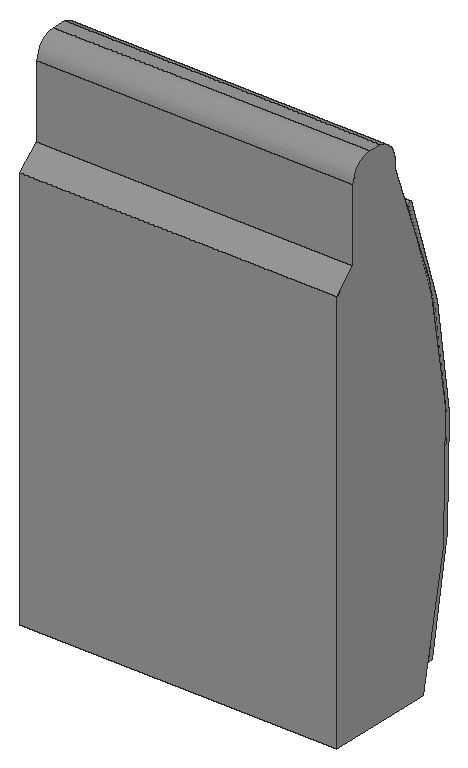
Revit family "ГГН-05 КЛ-01", category Устройства вызова и оповещения, Revit 2017
Family settings
  Основа = Стена
  Сохранять ориентацию аннотаций = Нет
  Размер круглого соединителя = Использовать диаметр
  Тип детали = Нормальный
  Всегда вертикально = Да
  При загрузке вырезать с полостями = Нет
  Общий = Нет
  Точка расчета площади = Нет
Parameters (values of type "ГГН-05/КЛ-01")
  Выходная мощность [instance] = if(Выбор мощности, 5 W, 3 W)  # 5 W
  Ширина = 150 mm
  Частотный диапазон = "160-16000 Гц"  # constant formula
  Разработано = "support@bimlib.pro"  # constant formula
  Описание = "Речевой оповещатель. Предназначен для воспроизведения голосовых сообщений, специальных сигналов в системах громкоговорящей связи с высокоомным выходом. Встроенный трансформатор 90..100В. Настенное исполнение."
  Напряжение питания = 100 V  # constant formula
  Материал корпуса = ПВХ
  Assembly Code = ""
  Код IP = "41"  # constant formula
  Исполнение = "Настенное"  # constant formula
  Изготовитель = "СОУЭ Речор"  # constant formula
  Диапазое рабочих температур = "-10 до +50°С"  # constant formula
  Глубина = 64 mm
  Высота = 240 mm
  Выбор мощности [instance] = yes
  URL = "http://rechor.ru/gromkogovoriteli"
  ADSK_Примечание = ""
  ADSK_Позиция = ""
  Наименование = "Громкоговоритель ГГН-05/КЛ-01"  # constant formula
  ADSK_Масса_Текст = "0.8 кг"  # constant formula
  ADSK_Завод-изготовитель = Изготовитель  # "СОУЭ Речор"
Reference planes
  plane 1 "Стена": y = 0
  plane 2 "По центру (Влево/Вправо)": x = 125
  plane 3 "Назад": y = 75
  plane 4: x = 200
  plane 5: x = 50
  plane 6: z = 2461.432
  plane 7: z = 2221.432
  plane 8: y = 75
  plane 9: z = 2446.432
  plane 10: y = 139
  plane 11: z = 2341.432
Forms (mm)
  Extrusion 1, solid, material "ПВХ" <- "Материал корпуса", detail levels medium+fine
    sketch origin (125, 0, -5) x (0, 1, 0) y (0, 0, 1)
      loop
        line (75, 2413.491) -> (75, 2221.535) -> (126.199, 2221.535)
        arc (126.199, 2221.535) -> (139.552, 2338.648) -> (109.457, 2452.614) r 318.955
        arc (109.457, 2452.614) -> (108.343, 2461.203) -> (101.438, 2466.432) r 11.206
        line (101.438, 2466.432) -> (95, 2466.432)
        arc (95, 2466.432) -> (87.929, 2463.503) -> (85, 2456.432) r 10
        line (85, 2456.432) -> (85, 2422.169) -> (75, 2413.491)
    from -75 to 75
  Extrusion 2, solid, material "ПВХ" <- "Материал корпуса", detail levels medium+fine
    sketch origin (125, 0, 0) x (0, 1, 0) y (0, 0, 1)
      loop
        arc (117.333, 2428.746) -> (139.728, 2330.079) -> (129.872, 2229.383) r 316.781
        line (129.872, 2229.383) -> (131.294, 2229.383)
        arc (131.294, 2229.383) -> (141.41, 2330.428) -> (119.36, 2429.555) r 320.027
        line (119.36, 2429.555) -> (117.333, 2428.746)
    from -75 to 75
  Extrusion 3, void, detail levels medium+fine
    sketch origin (0, 0, 0) x (1, 0, 0) y (0, 0, 1)
      loop
        line (196.952, 2420.661) -> (191.952, 2420.661) -> (191.952, 2415.661) -> (196.952, 2415.661) -> (196.952, 2420.661)
      loop
        line (186.952, 2420.661) -> (181.952, 2420.661) -> (181.952, 2415.661) -> (186.952, 2415.661) -> (186.952, 2420.661)
      loop
        line (176.952, 2420.661) -> (171.952, 2420.661) -> (171.952, 2415.661) -> (176.952, 2415.661) -> (176.952, 2420.661)
      loop
        line (166.952, 2420.661) -> (161.952, 2420.661) -> (161.952, 2415.661) -> (166.952, 2415.661) -> (166.952, 2420.661)
      loop
        line (156.952, 2420.661) -> (151.952, 2420.661) -> (151.952, 2415.661) -> (156.952, 2415.661) -> (156.952, 2420.661)
      loop
        line (146.952, 2420.661) -> (141.952, 2420.661) -> (141.952, 2415.661) -> (146.952, 2415.661) -> (146.952, 2420.661)
      loop
        line (136.952, 2420.661) -> (131.952, 2420.661) -> (131.952, 2415.661) -> (136.952, 2415.661) -> (136.952, 2420.661)
      loop
        line (53.048, 2420.661) -> (53.048, 2415.661) -> (58.048, 2415.661) -> (58.048, 2420.661) -> (53.048, 2420.661)
      loop
        line (63.048, 2420.661) -> (63.048, 2415.661) -> (68.048, 2415.661) -> (68.048, 2420.661) -> (63.048, 2420.661)
      loop
        line (73.048, 2420.661) -> (73.048, 2415.661) -> (78.048, 2415.661) -> (78.048, 2420.661) -> (73.048, 2420.661)
      loop
        line (83.048, 2420.661) -> (83.048, 2415.661) -> (88.048, 2415.661) -> (88.048, 2420.661) -> (83.048, 2420.661)
      loop
        line (93.048, 2420.661) -> (93.048, 2415.661) -> (98.048, 2415.661) -> (98.048, 2420.661) -> (93.048, 2420.661)
      loop
        line (103.048, 2420.661) -> (103.048, 2415.661) -> (108.048, 2415.661) -> (108.048, 2420.661) -> (103.048, 2420.661)
      loop
        line (113.048, 2420.661) -> (113.048, 2415.661) -> (118.048, 2415.661) -> (118.048, 2420.661) -> (113.048, 2420.661)
      loop
        line (128.303, 2420.661) -> (123.303, 2420.661) -> (123.303, 2415.661) -> (128.303, 2415.661) -> (128.303, 2420.661)
      loop
        line (196.952, 2405.661) -> (191.952, 2405.661) -> (191.952, 2400.661) -> (196.952, 2400.661) -> (196.952, 2405.661)
      loop
        line (186.952, 2405.661) -> (181.952, 2405.661) -> (181.952, 2400.661) -> (186.952, 2400.661) -> (186.952, 2405.661)
      loop
        line (176.952, 2405.661) -> (171.952, 2405.661) -> (171.952, 2400.661) -> (176.952, 2400.661) -> (176.952, 2405.661)
      loop
        line (166.952, 2405.661) -> (161.952, 2405.661) -> (161.952, 2400.661) -> (166.952, 2400.661) -> (166.952, 2405.661)
      loop
        line (156.952, 2405.661) -> (151.952, 2405.661) -> (151.952, 2400.661) -> (156.952, 2400.661) -> (156.952, 2405.661)
      loop
        line (146.952, 2405.661) -> (141.952, 2405.661) -> (141.952, 2400.661) -> (146.952, 2400.661) -> (146.952, 2405.661)
      loop
        line (136.952, 2405.661) -> (131.952, 2405.661) -> (131.952, 2400.661) -> (136.952, 2400.661) -> (136.952, 2405.661)
      loop
        line (53.048, 2405.661) -> (53.048, 2400.661) -> (58.048, 2400.661) -> (58.048, 2405.661) -> (53.048, 2405.661)
      loop
        line (63.048, 2405.661) -> (63.048, 2400.661) -> (68.048, 2400.661) -> (68.048, 2405.661) -> (63.048, 2405.661)
      loop
        line (73.048, 2405.661) -> (73.048, 2400.661) -> (78.048, 2400.661) -> (78.048, 2405.661) -> (73.048, 2405.661)
      loop
        line (83.048, 2405.661) -> (83.048, 2400.661) -> (88.048, 2400.661) -> (88.048, 2405.661) -> (83.048, 2405.661)
      loop
        line (93.048, 2405.661) -> (93.048, 2400.661) -> (98.048, 2400.661) -> (98.048, 2405.661) -> (93.048, 2405.661)
      loop
        line (103.048, 2405.661) -> (103.048, 2400.661) -> (108.048, 2400.661) -> (108.048, 2405.661) -> (103.048, 2405.661)
      loop
        line (113.048, 2405.661) -> (113.048, 2400.661) -> (118.048, 2400.661) -> (118.048, 2405.661) -> (113.048, 2405.661)
      loop
        line (128.303, 2405.661) -> (123.303, 2405.661) -> (123.303, 2400.661) -> (128.303, 2400.661) -> (128.303, 2405.661)
      loop
        line (196.952, 2390.661) -> (191.952, 2390.661) -> (191.952, 2385.661) -> (196.952, 2385.661) -> (196.952, 2390.661)
      loop
        line (186.952, 2390.661) -> (181.952, 2390.661) -> (181.952, 2385.661) -> (186.952, 2385.661) -> (186.952, 2390.661)
      loop
        line (176.952, 2390.661) -> (171.952, 2390.661) -> (171.952, 2385.661) -> (176.952, 2385.661) -> (176.952, 2390.661)
      loop
        line (166.952, 2390.661) -> (161.952, 2390.661) -> (161.952, 2385.661) -> (166.952, 2385.661) -> (166.952, 2390.661)
      loop
        line (156.952, 2390.661) -> (151.952, 2390.661) -> (151.952, 2385.661) -> (156.952, 2385.661) -> (156.952, 2390.661)
      loop
        line (146.952, 2390.661) -> (141.952, 2390.661) -> (141.952, 2385.661) -> (146.952, 2385.661) -> (146.952, 2390.661)
      loop
        line (136.952, 2390.661) -> (131.952, 2390.661) -> (131.952, 2385.661) -> (136.952, 2385.661) -> (136.952, 2390.661)
      loop
        line (53.048, 2390.661) -> (53.048, 2385.661) -> (58.048, 2385.661) -> (58.048, 2390.661) -> (53.048, 2390.661)
      loop
        line (63.048, 2390.661) -> (63.048, 2385.661) -> (68.048, 2385.661) -> (68.048, 2390.661) -> (63.048, 2390.661)
      loop
        line (73.048, 2390.661) -> (73.048, 2385.661) -> (78.048, 2385.661) -> (78.048, 2390.661) -> (73.048, 2390.661)
      loop
        line (83.048, 2390.661) -> (83.048, 2385.661) -> (88.048, 2385.661) -> (88.048, 2390.661) -> (83.048, 2390.661)
      loop
        line (93.048, 2390.661) -> (93.048, 2385.661) -> (98.048, 2385.661) -> (98.048, 2390.661) -> (93.048, 2390.661)
      loop
        line (103.048, 2390.661) -> (103.048, 2385.661) -> (108.048, 2385.661) -> (108.048, 2390.661) -> (103.048, 2390.661)
      loop
        line (113.048, 2390.661) -> (113.048, 2385.661) -> (118.048, 2385.661) -> (118.048, 2390.661) -> (113.048, 2390.661)
      loop
        line (128.303, 2390.661) -> (123.303, 2390.661) -> (123.303, 2385.661) -> (128.303, 2385.661) -> (128.303, 2390.661)
      loop
        line (196.952, 2375.661) -> (191.952, 2375.661) -> (191.952, 2370.661) -> (196.952, 2370.661) -> (196.952, 2375.661)
      loop
        line (186.952, 2375.661) -> (181.952, 2375.661) -> (181.952, 2370.661) -> (186.952, 2370.661) -> (186.952, 2375.661)
      loop
        line (176.952, 2375.661) -> (171.952, 2375.661) -> (171.952, 2370.661) -> (176.952, 2370.661) -> (176.952, 2375.661)
      loop
        line (166.952, 2375.661) -> (161.952, 2375.661) -> (161.952, 2370.661) -> (166.952, 2370.661) -> (166.952, 2375.661)
      loop
        line (156.952, 2375.661) -> (151.952, 2375.661) -> (151.952, 2370.661) -> (156.952, 2370.661) -> (156.952, 2375.661)
      loop
        line (146.952, 2375.661) -> (141.952, 2375.661) -> (141.952, 2370.661) -> (146.952, 2370.661) -> (146.952, 2375.661)
      loop
        line (136.952, 2375.661) -> (131.952, 2375.661) -> (131.952, 2370.661) -> (136.952, 2370.661) -> (136.952, 2375.661)
      loop
        line (53.048, 2375.661) -> (53.048, 2370.661) -> (58.048, 2370.661) -> (58.048, 2375.661) -> (53.048, 2375.661)
      loop
        line (63.048, 2375.661) -> (63.048, 2370.661) -> (68.048, 2370.661) -> (68.048, 2375.661) -> (63.048, 2375.661)
      loop
        line (73.048, 2375.661) -> (73.048, 2370.661) -> (78.048, 2370.661) -> (78.048, 2375.661) -> (73.048, 2375.661)
      loop
        line (83.048, 2375.661) -> (83.048, 2370.661) -> (88.048, 2370.661) -> (88.048, 2375.661) -> (83.048, 2375.661)
      loop
        line (93.048, 2375.661) -> (93.048, 2370.661) -> (98.048, 2370.661) -> (98.048, 2375.661) -> (93.048, 2375.661)
      loop
        line (103.048, 2375.661) -> (103.048, 2370.661) -> (108.048, 2370.661) -> (108.048, 2375.661) -> (103.048, 2375.661)
      loop
        line (113.048, 2375.661) -> (113.048, 2370.661) -> (118.048, 2370.661) -> (118.048, 2375.661) -> (113.048, 2375.661)
      loop
        line (128.303, 2375.661) -> (123.303, 2375.661) -> (123.303, 2370.661) -> (128.303, 2370.661) -> (128.303, 2375.661)
      loop
        line (196.952, 2360.661) -> (191.952, 2360.661) -> (191.952, 2355.661) -> (196.952, 2355.661) -> (196.952, 2360.661)
      loop
        line (186.952, 2360.661) -> (181.952, 2360.661) -> (181.952, 2355.661) -> (186.952, 2355.661) -> (186.952, 2360.661)
      loop
        line (176.952, 2360.661) -> (171.952, 2360.661) -> (171.952, 2355.661) -> (176.952, 2355.661) -> (176.952, 2360.661)
      loop
        line (166.952, 2360.661) -> (161.952, 2360.661) -> (161.952, 2355.661) -> (166.952, 2355.661) -> (166.952, 2360.661)
      loop
        line (156.952, 2360.661) -> (151.952, 2360.661) -> (151.952, 2355.661) -> (156.952, 2355.661) -> (156.952, 2360.661)
      loop
        line (146.952, 2360.661) -> (141.952, 2360.661) -> (141.952, 2355.661) -> (146.952, 2355.661) -> (146.952, 2360.661)
      loop
        line (136.952, 2360.661) -> (131.952, 2360.661) -> (131.952, 2355.661) -> (136.952, 2355.661) -> (136.952, 2360.661)
      loop
        line (53.048, 2360.661) -> (53.048, 2355.661) -> (58.048, 2355.661) -> (58.048, 2360.661) -> (53.048, 2360.661)
      loop
        line (63.048, 2360.661) -> (63.048, 2355.661) -> (68.048, 2355.661) -> (68.048, 2360.661) -> (63.048, 2360.661)
      loop
        line (73.048, 2360.661) -> (73.048, 2355.661) -> (78.048, 2355.661) -> (78.048, 2360.661) -> (73.048, 2360.661)
      loop
        line (83.048, 2360.661) -> (83.048, 2355.661) -> (88.048, 2355.661) -> (88.048, 2360.661) -> (83.048, 2360.661)
      loop
        line (93.048, 2360.661) -> (93.048, 2355.661) -> (98.048, 2355.661) -> (98.048, 2360.661) -> (93.048, 2360.661)
      loop
        line (103.048, 2360.661) -> (103.048, 2355.661) -> (108.048, 2355.661) -> (108.048, 2360.661) -> (103.048, 2360.661)
      loop
        line (113.048, 2360.661) -> (113.048, 2355.661) -> (118.048, 2355.661) -> (118.048, 2360.661) -> (113.048, 2360.661)
      loop
        line (128.303, 2360.661) -> (123.303, 2360.661) -> (123.303, 2355.661) -> (128.303, 2355.661) -> (128.303, 2360.661)
      loop
        line (196.952, 2345.661) -> (191.952, 2345.661) -> (191.952, 2340.661) -> (196.952, 2340.661) -> (196.952, 2345.661)
      loop
        line (186.952, 2345.661) -> (181.952, 2345.661) -> (181.952, 2340.661) -> (186.952, 2340.661) -> (186.952, 2345.661)
      loop
        line (176.952, 2345.661) -> (171.952, 2345.661) -> (171.952, 2340.661) -> (176.952, 2340.661) -> (176.952, 2345.661)
      loop
        line (166.952, 2345.661) -> (161.952, 2345.661) -> (161.952, 2340.661) -> (166.952, 2340.661) -> (166.952, 2345.661)
      loop
        line (156.952, 2345.661) -> (151.952, 2345.661) -> (151.952, 2340.661) -> (156.952, 2340.661) -> (156.952, 2345.661)
      loop
        line (146.952, 2345.661) -> (141.952, 2345.661) -> (141.952, 2340.661) -> (146.952, 2340.661) -> (146.952, 2345.661)
      loop
        line (136.952, 2345.661) -> (131.952, 2345.661) -> (131.952, 2340.661) -> (136.952, 2340.661) -> (136.952, 2345.661)
      loop
        line (53.048, 2345.661) -> (53.048, 2340.661) -> (58.048, 2340.661) -> (58.048, 2345.661) -> (53.048, 2345.661)
      loop
        line (63.048, 2345.661) -> (63.048, 2340.661) -> (68.048, 2340.661) -> (68.048, 2345.661) -> (63.048, 2345.661)
      loop
        line (73.048, 2345.661) -> (73.048, 2340.661) -> (78.048, 2340.661) -> (78.048, 2345.661) -> (73.048, 2345.661)
      loop
        line (83.048, 2345.661) -> (83.048, 2340.661) -> (88.048, 2340.661) -> (88.048, 2345.661) -> (83.048, 2345.661)
      loop
        line (93.048, 2345.661) -> (93.048, 2340.661) -> (98.048, 2340.661) -> (98.048, 2345.661) -> (93.048, 2345.661)
      loop
        line (103.048, 2345.661) -> (103.048, 2340.661) -> (108.048, 2340.661) -> (108.048, 2345.661) -> (103.048, 2345.661)
      loop
        line (113.048, 2345.661) -> (113.048, 2340.661) -> (118.048, 2340.661) -> (118.048, 2345.661) -> (113.048, 2345.661)
      loop
        line (128.303, 2345.661) -> (123.303, 2345.661) -> (123.303, 2340.661) -> (128.303, 2340.661) -> (128.303, 2345.661)
      loop
        line (196.952, 2330.661) -> (191.952, 2330.661) -> (191.952, 2325.661) -> (196.952, 2325.661) -> (196.952, 2330.661)
      loop
        line (186.952, 2330.661) -> (181.952, 2330.661) -> (181.952, 2325.661) -> (186.952, 2325.661) -> (186.952, 2330.661)
      loop
        line (176.952, 2330.661) -> (171.952, 2330.661) -> (171.952, 2325.661) -> (176.952, 2325.661) -> (176.952, 2330.661)
      loop
        line (166.952, 2330.661) -> (161.952, 2330.661) -> (161.952, 2325.661) -> (166.952, 2325.661) -> (166.952, 2330.661)
      loop
        line (156.952, 2330.661) -> (151.952, 2330.661) -> (151.952, 2325.661) -> (156.952, 2325.661) -> (156.952, 2330.661)
      loop
        line (146.952, 2330.661) -> (141.952, 2330.661) -> (141.952, 2325.661) -> (146.952, 2325.661) -> (146.952, 2330.661)
      loop
        line (136.952, 2330.661) -> (131.952, 2330.661) -> (131.952, 2325.661) -> (136.952, 2325.661) -> (136.952, 2330.661)
      loop
        line (53.048, 2330.661) -> (53.048, 2325.661) -> (58.048, 2325.661) -> (58.048, 2330.661) -> (53.048, 2330.661)
      loop
        line (63.048, 2330.661) -> (63.048, 2325.661) -> (68.048, 2325.661) -> (68.048, 2330.661) -> (63.048, 2330.661)
      loop
        line (73.048, 2330.661) -> (73.048, 2325.661) -> (78.048, 2325.661) -> (78.048, 2330.661) -> (73.048, 2330.661)
      loop
        line (83.048, 2330.661) -> (83.048, 2325.661) -> (88.048, 2325.661) -> (88.048, 2330.661) -> (83.048, 2330.661)
      loop
        line (93.048, 2330.661) -> (93.048, 2325.661) -> (98.048, 2325.661) -> (98.048, 2330.661) -> (93.048, 2330.661)
      loop
        line (103.048, 2330.661) -> (103.048, 2325.661) -> (108.048, 2325.661) -> (108.048, 2330.661) -> (103.048, 2330.661)
      loop
        line (113.048, 2330.661) -> (113.048, 2325.661) -> (118.048, 2325.661) -> (118.048, 2330.661) -> (113.048, 2330.661)
      loop
        line (128.303, 2330.661) -> (123.303, 2330.661) -> (123.303, 2325.661) -> (128.303, 2325.661) -> (128.303, 2330.661)
      loop
        line (196.952, 2315.661) -> (191.952, 2315.661) -> (191.952, 2310.661) -> (196.952, 2310.661) -> (196.952, 2315.661)
      loop
        line (186.952, 2315.661) -> (181.952, 2315.661) -> (181.952, 2310.661) -> (186.952, 2310.661) -> (186.952, 2315.661)
      loop
        line (176.952, 2315.661) -> (171.952, 2315.661) -> (171.952, 2310.661) -> (176.952, 2310.661) -> (176.952, 2315.661)
      loop
        line (166.952, 2315.661) -> (161.952, 2315.661) -> (161.952, 2310.661) -> (166.952, 2310.661) -> (166.952, 2315.661)
      loop
        line (156.952, 2315.661) -> (151.952, 2315.661) -> (151.952, 2310.661) -> (156.952, 2310.661) -> (156.952, 2315.661)
      loop
        line (146.952, 2315.661) -> (141.952, 2315.661) -> (141.952, 2310.661) -> (146.952, 2310.661) -> (146.952, 2315.661)
      loop
        line (136.952, 2315.661) -> (131.952, 2315.661) -> (131.952, 2310.661) -> (136.952, 2310.661) -> (136.952, 2315.661)
      loop
        line (53.048, 2315.661) -> (53.048, 2310.661) -> (58.048, 2310.661) -> (58.048, 2315.661) -> (53.048, 2315.661)
      loop
        line (63.048, 2315.661) -> (63.048, 2310.661) -> (68.048, 2310.661) -> (68.048, 2315.661) -> (63.048, 2315.661)
      loop
        line (73.048, 2315.661) -> (73.048, 2310.661) -> (78.048, 2310.661) -> (78.048, 2315.661) -> (73.048, 2315.661)
      loop
        line (83.048, 2315.661) -> (83.048, 2310.661) -> (88.048, 2310.661) -> (88.048, 2315.661) -> (83.048, 2315.661)
      loop
        line (93.048, 2315.661) -> (93.048, 2310.661) -> (98.048, 2310.661) -> (98.048, 2315.661) -> (93.048, 2315.661)
      loop
        line (103.048, 2315.661) -> (103.048, 2310.661) -> (108.048, 2310.661) -> (108.048, 2315.661) -> (103.048, 2315.661)
      loop
        line (113.048, 2315.661) -> (113.048, 2310.661) -> (118.048, 2310.661) -> (118.048, 2315.661) -> (113.048, 2315.661)
      loop
        line (128.303, 2315.661) -> (123.303, 2315.661) -> (123.303, 2310.661) -> (128.303, 2310.661) -> (128.303, 2315.661)
      loop
        line (196.952, 2300.661) -> (191.952, 2300.661) -> (191.952, 2295.661) -> (196.952, 2295.661) -> (196.952, 2300.661)
      loop
        line (186.952, 2300.661) -> (181.952, 2300.661) -> (181.952, 2295.661) -> (186.952, 2295.661) -> (186.952, 2300.661)
      loop
        line (176.952, 2300.661) -> (171.952, 2300.661) -> (171.952, 2295.661) -> (176.952, 2295.661) -> (176.952, 2300.661)
      loop
        line (166.952, 2300.661) -> (161.952, 2300.661) -> (161.952, 2295.661) -> (166.952, 2295.661) -> (166.952, 2300.661)
      loop
        line (156.952, 2300.661) -> (151.952, 2300.661) -> (151.952, 2295.661) -> (156.952, 2295.661) -> (156.952, 2300.661)
      loop
        line (146.952, 2300.661) -> (141.952, 2300.661) -> (141.952, 2295.661) -> (146.952, 2295.661) -> (146.952, 2300.661)
      loop
        line (136.952, 2300.661) -> (131.952, 2300.661) -> (131.952, 2295.661) -> (136.952, 2295.661) -> (136.952, 2300.661)
      loop
        line (53.048, 2300.661) -> (53.048, 2295.661) -> (58.048, 2295.661) -> (58.048, 2300.661) -> (53.048, 2300.661)
      loop
        line (63.048, 2300.661) -> (63.048, 2295.661) -> (68.048, 2295.661) -> (68.048, 2300.661) -> (63.048, 2300.661)
      loop
        line (73.048, 2300.661) -> (73.048, 2295.661) -> (78.048, 2295.661) -> (78.048, 2300.661) -> (73.048, 2300.661)
      loop
        line (83.048, 2300.661) -> (83.048, 2295.661) -> (88.048, 2295.661) -> (88.048, 2300.661) -> (83.048, 2300.661)
      loop
        line (93.048, 2300.661) -> (93.048, 2295.661) -> (98.048, 2295.661) -> (98.048, 2300.661) -> (93.048, 2300.661)
      loop
        line (103.048, 2300.661) -> (103.048, 2295.661) -> (108.048, 2295.661) -> (108.048, 2300.661) -> (103.048, 2300.661)
      loop
        line (113.048, 2300.661) -> (113.048, 2295.661) -> (118.048, 2295.661) -> (118.048, 2300.661) -> (113.048, 2300.661)
      loop
        line (128.303, 2300.661) -> (123.303, 2300.661) -> (123.303, 2295.661) -> (128.303, 2295.661) -> (128.303, 2300.661)
      loop
        line (196.952, 2285.661) -> (191.952, 2285.661) -> (191.952, 2280.661) -> (196.952, 2280.661) -> (196.952, 2285.661)
      loop
        line (186.952, 2285.661) -> (181.952, 2285.661) -> (181.952, 2280.661) -> (186.952, 2280.661) -> (186.952, 2285.661)
      loop
        line (176.952, 2285.661) -> (171.952, 2285.661) -> (171.952, 2280.661) -> (176.952, 2280.661) -> (176.952, 2285.661)
      loop
        line (166.952, 2285.661) -> (161.952, 2285.661) -> (161.952, 2280.661) -> (166.952, 2280.661) -> (166.952, 2285.661)
      loop
        line (156.952, 2285.661) -> (151.952, 2285.661) -> (151.952, 2280.661) -> (156.952, 2280.661) -> (156.952, 2285.661)
      loop
        line (146.952, 2285.661) -> (141.952, 2285.661) -> (141.952, 2280.661) -> (146.952, 2280.661) -> (146.952, 2285.661)
      loop
        line (136.952, 2285.661) -> (131.952, 2285.661) -> (131.952, 2280.661) -> (136.952, 2280.661) -> (136.952, 2285.661)
      loop
        line (53.048, 2285.661) -> (53.048, 2280.661) -> (58.048, 2280.661) -> (58.048, 2285.661) -> (53.048, 2285.661)
      loop
        line (63.048, 2285.661) -> (63.048, 2280.661) -> (68.048, 2280.661) -> (68.048, 2285.661) -> (63.048, 2285.661)
      loop
        line (73.048, 2285.661) -> (73.048, 2280.661) -> (78.048, 2280.661) -> (78.048, 2285.661) -> (73.048, 2285.661)
      loop
        line (83.048, 2285.661) -> (83.048, 2280.661) -> (88.048, 2280.661) -> (88.048, 2285.661) -> (83.048, 2285.661)
      loop
        line (93.048, 2285.661) -> (93.048, 2280.661) -> (98.048, 2280.661) -> (98.048, 2285.661) -> (93.048, 2285.661)
      loop
        line (103.048, 2285.661) -> (103.048, 2280.661) -> (108.048, 2280.661) -> (108.048, 2285.661) -> (103.048, 2285.661)
      loop
        line (113.048, 2285.661) -> (113.048, 2280.661) -> (118.048, 2280.661) -> (118.048, 2285.661) -> (113.048, 2285.661)
      loop
        line (128.303, 2285.661) -> (123.303, 2285.661) -> (123.303, 2280.661) -> (128.303, 2280.661) -> (128.303, 2285.661)
      loop
        line (196.952, 2270.661) -> (191.952, 2270.661) -> (191.952, 2265.661) -> (196.952, 2265.661) -> (196.952, 2270.661)
      loop
        line (186.952, 2270.661) -> (181.952, 2270.661) -> (181.952, 2265.661) -> (186.952, 2265.661) -> (186.952, 2270.661)
      loop
        line (176.952, 2270.661) -> (171.952, 2270.661) -> (171.952, 2265.661) -> (176.952, 2265.661) -> (176.952, 2270.661)
      loop
        line (166.952, 2270.661) -> (161.952, 2270.661) -> (161.952, 2265.661) -> (166.952, 2265.661) -> (166.952, 2270.661)
      loop
        line (156.952, 2270.661) -> (151.952, 2270.661) -> (151.952, 2265.661) -> (156.952, 2265.661) -> (156.952, 2270.661)
      loop
        line (146.952, 2270.661) -> (141.952, 2270.661) -> (141.952, 2265.661) -> (146.952, 2265.661) -> (146.952, 2270.661)
      loop
        line (136.952, 2270.661) -> (131.952, 2270.661) -> (131.952, 2265.661) -> (136.952, 2265.661) -> (136.952, 2270.661)
      loop
        line (53.048, 2270.661) -> (53.048, 2265.661) -> (58.048, 2265.661) -> (58.048, 2270.661) -> (53.048, 2270.661)
      loop
        line (63.048, 2270.661) -> (63.048, 2265.661) -> (68.048, 2265.661) -> (68.048, 2270.661) -> (63.048, 2270.661)
      loop
        line (73.048, 2270.661) -> (73.048, 2265.661) -> (78.048, 2265.661) -> (78.048, 2270.661) -> (73.048, 2270.661)
      loop
        line (83.048, 2270.661) -> (83.048, 2265.661) -> (88.048, 2265.661) -> (88.048, 2270.661) -> (83.048, 2270.661)
      loop
        line (93.048, 2270.661) -> (93.048, 2265.661) -> (98.048, 2265.661) -> (98.048, 2270.661) -> (93.048, 2270.661)
      loop
        line (103.048, 2270.661) -> (103.048, 2265.661) -> (108.048, 2265.661) -> (108.048, 2270.661) -> (103.048, 2270.661)
      loop
        line (113.048, 2270.661) -> (113.048, 2265.661) -> (118.048, 2265.661) -> (118.048, 2270.661) -> (113.048, 2270.661)
      loop
        line (128.303, 2270.661) -> (123.303, 2270.661) -> (123.303, 2265.661) -> (128.303, 2265.661) -> (128.303, 2270.661)
      loop
        line (196.952, 2255.661) -> (191.952, 2255.661) -> (191.952, 2250.661) -> (196.952, 2250.661) -> (196.952, 2255.661)
      loop
        line (186.952, 2255.661) -> (181.952, 2255.661) -> (181.952, 2250.661) -> (186.952, 2250.661) -> (186.952, 2255.661)
      loop
        line (176.952, 2255.661) -> (171.952, 2255.661) -> (171.952, 2250.661) -> (176.952, 2250.661) -> (176.952, 2255.661)
      loop
        line (166.952, 2255.661) -> (161.952, 2255.661) -> (161.952, 2250.661) -> (166.952, 2250.661) -> (166.952, 2255.661)
      loop
        line (156.952, 2255.661) -> (151.952, 2255.661) -> (151.952, 2250.661) -> (156.952, 2250.661) -> (156.952, 2255.661)
      loop
        line (146.952, 2255.661) -> (141.952, 2255.661) -> (141.952, 2250.661) -> (146.952, 2250.661) -> (146.952, 2255.661)
      loop
        line (136.952, 2255.661) -> (131.952, 2255.661) -> (131.952, 2250.661) -> (136.952, 2250.661) -> (136.952, 2255.661)
      loop
        line (53.048, 2255.661) -> (53.048, 2250.661) -> (58.048, 2250.661) -> (58.048, 2255.661) -> (53.048, 2255.661)
      loop
        line (63.048, 2255.661) -> (63.048, 2250.661) -> (68.048, 2250.661) -> (68.048, 2255.661) -> (63.048, 2255.661)
      loop
        line (73.048, 2255.661) -> (73.048, 2250.661) -> (78.048, 2250.661) -> (78.048, 2255.661) -> (73.048, 2255.661)
      loop
        line (83.048, 2255.661) -> (83.048, 2250.661) -> (88.048, 2250.661) -> (88.048, 2255.661) -> (83.048, 2255.661)
      loop
        line (93.048, 2255.661) -> (93.048, 2250.661) -> (98.048, 2250.661) -> (98.048, 2255.661) -> (93.048, 2255.661)
      loop
        line (103.048, 2255.661) -> (103.048, 2250.661) -> (108.048, 2250.661) -> (108.048, 2255.661) -> (103.048, 2255.661)
      loop
        line (113.048, 2255.661) -> (113.048, 2250.661) -> (118.048, 2250.661) -> (118.048, 2255.661) -> (113.048, 2255.661)
      loop
        line (128.303, 2255.661) -> (123.303, 2255.661) -> (123.303, 2250.661) -> (128.303, 2250.661) -> (128.303, 2255.661)
      loop
        line (196.952, 2240.661) -> (191.952, 2240.661) -> (191.952, 2235.661) -> (196.952, 2235.661) -> (196.952, 2240.661)
      loop
        line (186.952, 2240.661) -> (181.952, 2240.661) -> (181.952, 2235.661) -> (186.952, 2235.661) -> (186.952, 2240.661)
      loop
        line (176.952, 2240.661) -> (171.952, 2240.661) -> (171.952, 2235.661) -> (176.952, 2235.661) -> (176.952, 2240.661)
      loop
        line (166.952, 2240.661) -> (161.952, 2240.661) -> (161.952, 2235.661) -> (166.952, 2235.661) -> (166.952, 2240.661)
      loop
        line (156.952, 2240.661) -> (151.952, 2240.661) -> (151.952, 2235.661) -> (156.952, 2235.661) -> (156.952, 2240.661)
      loop
        line (146.952, 2240.661) -> (141.952, 2240.661) -> (141.952, 2235.661) -> (146.952, 2235.661) -> (146.952, 2240.661)
      loop
        line (136.952, 2240.661) -> (131.952, 2240.661) -> (131.952, 2235.661) -> (136.952, 2235.661) -> (136.952, 2240.661)
      loop
        line (53.048, 2240.661) -> (53.048, 2235.661) -> (58.048, 2235.661) -> (58.048, 2240.661) -> (53.048, 2240.661)
      loop
        line (63.048, 2240.661) -> (63.048, 2235.661) -> (68.048, 2235.661) -> (68.048, 2240.661) -> (63.048, 2240.661)
      loop
        line (73.048, 2240.661) -> (73.048, 2235.661) -> (78.048, 2235.661) -> (78.048, 2240.661) -> (73.048, 2240.661)
      loop
        line (83.048, 2240.661) -> (83.048, 2235.661) -> (88.048, 2235.661) -> (88.048, 2240.661) -> (83.048, 2240.661)
      loop
        line (93.048, 2240.661) -> (93.048, 2235.661) -> (98.048, 2235.661) -> (98.048, 2240.661) -> (93.048, 2240.661)
      loop
        line (103.048, 2240.661) -> (103.048, 2235.661) -> (108.048, 2235.661) -> (108.048, 2240.661) -> (103.048, 2240.661)
      loop
        line (113.048, 2240.661) -> (113.048, 2235.661) -> (118.048, 2235.661) -> (118.048, 2240.661) -> (113.048, 2240.661)
      loop
        line (128.303, 2240.661) -> (123.303, 2240.661) -> (123.303, 2235.661) -> (128.303, 2235.661) -> (128.303, 2240.661)
    from -195.469 to -110.246
Cuts and joins
  Extrusion 3 cuts Extrusion 2
Lines and regions (mm)
  model lines, detail levels coarse
    curve 1: line (125, 75, 2376.432) -> (125, 75, 2306.432)
    curve 2: line (125, 75, 2306.432) -> (125, 100, 2306.432)
    curve 3: line (125, 75, 2376.432) -> (125, 100, 2376.432)
    curve 4: line (125, 100, 2306.432) -> (125, 139, 2261.568)
    curve 5: line (125, 100, 2376.432) -> (125, 139, 2421.296)
    curve 6: line (125, 139, 2421.296) -> (125, 139, 2261.568)
    curve 7: line (125, 100, 2376.432) -> (125, 100, 2306.432)
Text (mm)
  text "Placement Side" at (-1848.837, 1116.779, 0), in view "Опорный уровень"
  text "Placement side" at (0, 1409.804, 2854.306), in view "Слева"
  text "Placement side" at (0, 499.811, 2980.732), in view "Справа"
Dimensions and locks
  locked: plane 3 "Назад" to host wall
  equal spacing: plane 5, plane 2 "По центру (Влево/Вправо)", plane 4
  "Ширина": plane 5 to plane 4
  "Глубина": plane 8 to plane 10
  "Высота": plane 6 to plane 7
  aligned and locked: plane 1 "Стена" to host wall
  aligned and locked: host wall to plane 8
  aligned and locked: Extrusion 1 to plane 5
  aligned and locked: plane 4 to Extrusion 1
  aligned and locked: plane 6 to Extrusion 1
  aligned and locked: plane 4 to Extrusion 2
  aligned and locked: Extrusion 2 to plane 5
  aligned and locked: plane 10 to curve 6
Automatic sketch dimensions
  Extrusion 2 sketch curve to plane 11 = 30.049 mm
  host wall to Extrusion 2 sketch curve = 103.05 mm
  Extrusion 2 sketch curve to Extrusion 2 sketch curve = 1.621 mm
  plane 10 to Extrusion 2 sketch curve = 21.667 mm
  plane 10 to Extrusion 2 sketch curve = 9.128 mm
  Extrusion 2 sketch curve to Extrusion 2 sketch curve = 1.189 mm
  plane 7 to Extrusion 2 sketch curve = 7.951 mm
  Extrusion 2 sketch curve to Extrusion 2 sketch curve = 2.027 mm
  Extrusion 2 sketch curve to Extrusion 2 sketch curve = 1.422 mm
  Extrusion 1 sketch curve to host wall = 0 mm
  Extrusion 1 sketch curve to plane 6 = 0 mm
  Extrusion 1 sketch curve to plane 11 = 30.832 mm
  host wall to Extrusion 1 sketch curve = 103.569 mm
  host wall to Extrusion 1 sketch curve = 10 mm
  Extrusion 1 sketch curve to Extrusion 1 sketch curve = 10 mm
  Extrusion 1 sketch curve to Extrusion 1 sketch curve = 3.651 mm
  Extrusion 1 sketch curve to Extrusion 1 sketch curve = 6.438 mm
  Extrusion 1 sketch curve to plane 7 = 4.897 mm
  plane 10 to Extrusion 1 sketch curve = 12.801 mm
  Extrusion 1 sketch curve to plane 9 = 37.941 mm
  Extrusion 1 sketch curve to Extrusion 1 sketch curve = 8.679 mm
  Extrusion 1 sketch curve to Extrusion 1 sketch curve = 0.854 mm
  plane 5 to Extrusion 3 sketch curve = 3.048 mm  (x13)
  Extrusion 3 sketch curve to plane 11 = 0.771 mm  (x15)
  Extrusion 3 sketch curve to Extrusion 3 sketch curve = 5 mm  (x493)
  Extrusion 3 sketch curve to plane 2 "По центру (Влево/Вправо)" = 1.697 mm  (x13)
  plane 2 "По центру (Влево/Вправо)" to Extrusion 3 sketch curve = 3.303 mm  (x13)
  Extrusion 3 sketch curve to Extrusion 3 sketch curve = 3.65 mm  (x13)
  Extrusion 3 sketch curve to plane 4 = 3.048 mm  (x13)
  Extrusion 3 sketch curve to Extrusion 3 sketch curve = 10 mm  (x28)
  Extrusion 3 sketch curve to Extrusion 3 sketch curve = 0 mm  (x165)
  plane 11 to Extrusion 3 sketch curve = 4.229 mm  (x14)
  curve 1 to host wall = 0 mm
  plane 7 to curve 6 = 40.136 mm
  curve 2 to plane 11 = 35 mm
  plane 11 to curve 5 = 35 mm
  curve 6 to plane 6 = 40.136 mm
  host wall to curve 2 = 25 mm
Nested families
  nested 1: "Оповещатель" at (126.965, 83.035, 0) x (0, 1, 0) z (0, 0, 1), type "оповещатель"
Connectors
  electrical at (125, 75, 2251.545)
    settings: on Extrusion 1, index 1, voltage 0 V, apparent load 0 VA, apparent load phase1 0 VA, apparent load phase2 0 VA, apparent load phase3 0 VA, power factor 1, load classification "Прочее", number of poles 1, system type 12, power factor state 1, is connector primary yes, connector utility no, sub classification motor no, connector description ""
  electrical at (125, 75, 2386.545), driven by "Напряжение питания"
    settings: on Extrusion 1, index 2, voltage 100 V, apparent load 0 VA, apparent load phase1 5 VA, apparent load phase2 0 VA, apparent load phase3 0 VA, power factor 1, load classification "Прочее", number of poles 1, system type 31, power factor state 1, is connector primary no, connector utility no, sub classification motor no, connector description ""
Definition of nested family "Оповещатель"
  Reference planes
    plane 1: y = 0
    plane 2: x = 0
  Lines and regions (mm)
    detail lines
      curve 1: line (-13.652, 27.379, 0) -> (0, 27.379, 0)
      curve 2: line (-13.652, -27.379, 0) -> (-13.652, 27.379, 0)
      curve 3: line (0, -27.379, 0) -> (-13.652, -27.379, 0)
      curve 4: line (0, 27.379, 0) -> (0, -27.379, 0)
      curve 5: line (0, 27.379, 0) -> (17.583, 68.802, 0)
      curve 6: line (0, -27.379, 0) -> (17.583, -68.802, 0)
      curve 7: line (17.583, 68.802, 0) -> (17.583, -68.802, 0)
  Dimensions and locks
    equal spacing: curve 1, plane 1, curve 3
